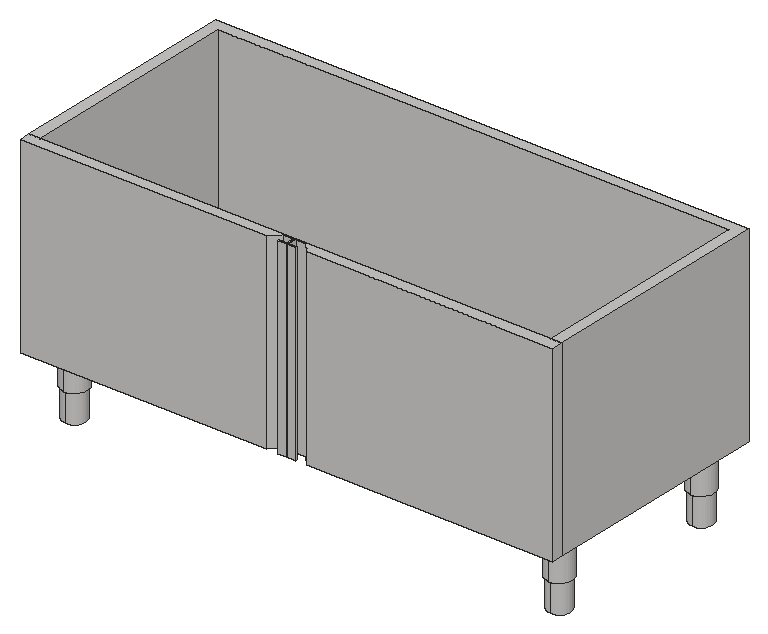
Revit family "QF_GIORIK_SUL1200", category Specialty Equipment, Revit 2014
Parameters (values of type "SUL1200")
  Weight in Pounds = 103.6171
  Watts = 900 W
  Volts = 230 V
  URL Cutsheet = "www.giorik.com"
  URL = "www.giorik.com"
  Status [instance] = ""
  Specification by User [instance] = ""
  Specification by Manufacturer = ""
  Show Logo [instance] = yes
  Show Clearance [instance] = yes
  Serial Number = ""
  Seismic Rating = ""
  SMACNA No = ""
  Revision Code [instance] = ""
  Phase = 1
  Number of Poles [instance] = 1
  NAFEM Spec ID Number = ""
  Model = "SUL1200"
  Min Ckt Ampacity = 0 A
  Max Overcurrent Protection = 0 A
  Masterspec = ""
  Manufacturer = "GIORIK"
  Item Number [instance] = ""
  Installed By [instance] = ""
  Identify Quantity as Lot [instance] = no
  HP = "1.206918000000"
  Furnished By [instance] = ""
  Foodservice Equipment Identifier [instance] = yes
  FL Amps = 0 A
  Electrical Remarks [instance] = ""
  Electric Connection Type [instance] = ""
  Elec Conn RI Height [instance] = 0 mm
  Elec Conn Connection Height [instance] = 150 mm
  Description = "WARM CUPBOARD WITH SHELF L=1200"
  Cycle = 50 Hz
  Conn Plug = ""
  CSI MasterFormat = ""
  Assembly Code = "E1090320"
  Apparent Power = 900 VA
Reference planes
  plane 1 "Back": y = 0
  plane 2: z = 0
  plane 3 "Left": x = 0
  plane 4 "Right": x = 1200
  plane 5 "Front": y = -600
  plane 6 "Top": z = 580
Forms (mm)
  Extrusion 1, solid
    sketch origin (-16, 1016.81, 0) x (1, 0, 0) y (0, 1, 0)
      loop
        line (25, -1086.81) -> (25, -1156.81) -> (115, -1156.81) -> (115, -1086.81) -> (25, -1086.81)
    from 148 to 150
  Extrusion 2, solid
    sketch origin (1216, 1016.81, 0) x (-1, 0, 0) y (0, -1, 0)
      loop
        line (25, 1086.81) -> (115, 1086.81) -> (115, 1156.81) -> (25, 1156.81) -> (25, 1086.81)
    from 148 to 150
  Extrusion 3, solid
    sketch origin (0, -40, 599.536) x (1, 0, 0) y (0, 1, 0)
      loop
        line (0, -525) -> (25, -525) -> (25, -25) -> (1175, -25) -> (1175, -525) -> (1200, -525) -> (1200, 0) -> (0, 0) -> (0, -525)
    from -449.536 to -19.536
  Extrusion 4, solid
    sketch origin (0, -40, 0) x (1, 0, 0) y (0, 1, 0)
      loop
        line (25, -25) -> (25, -525) -> (1175, -525) -> (1175, -25) -> (25, -25)
    from 150 to 175
  Extrusion 5, solid
    sketch origin (-16, 616.81, 0) x (1, 0, 0) y (0, 1, 0)
      loop
        line (25, -1086.81) -> (25, -1156.81) -> (115, -1156.81) -> (115, -1086.81) -> (25, -1086.81)
    from 148 to 150
  Revolve 6, solid
    sketch origin (54, 616.81, 0) x (0, 1, 0) y (0, 0, 1)
      loop
        line (-1092.56, 66) -> (-1092.56, 148) -> (-1121.81, 148) -> (-1121.81, 0) -> (-1096.81, 0) -> (-1096.81, 66) -> (-1092.56, 66)
      axis (-1121.81, 0) -> (-1121.81, 148)
    angle from 0 to 360
  Revolve 7, solid
    sketch origin (1146, 616.81, 0) x (0, 1, 0) y (0, 0, 1)
      loop
        line (-1092.56, 66) -> (-1092.56, 148) -> (-1121.81, 148) -> (-1121.81, 0) -> (-1096.81, 0) -> (-1096.81, 66) -> (-1092.56, 66)
      axis (-1121.81, 0) -> (-1121.81, 148)
    angle from 0 to 360
  Revolve 8, solid
    sketch origin (1146, 1016.81, 0) x (0, 1, 0) y (0, 0, 1)
      loop
        line (-1092.56, 66) -> (-1092.56, 148) -> (-1121.81, 148) -> (-1121.81, 0) -> (-1096.81, 0) -> (-1096.81, 66) -> (-1092.56, 66)
      axis (-1121.81, 0) -> (-1121.81, 148)
    angle from 0 to 360
  Revolve 9, solid
    sketch origin (54, 1016.81, 0) x (0, 1, 0) y (0, 0, 1)
      loop
        line (-1092.56, 66) -> (-1092.56, 148) -> (-1121.81, 148) -> (-1121.81, 0) -> (-1096.81, 0) -> (-1096.81, 66) -> (-1092.56, 66)
      axis (-1121.81, 0) -> (-1121.81, 148)
    angle from 0 to 360
  Extrusion 10, solid
    sketch origin (1216, 616.81, 0) x (-1, 0, 0) y (0, -1, 0)
      loop
        line (25, 1086.81) -> (115, 1086.81) -> (115, 1156.81) -> (25, 1156.81) -> (25, 1086.81)
    from 148 to 150
  Extrusion 11, solid, visible <- "Show Clearance", detail levels coarse
    sketch origin (105, -462.861, -10) x (1, 0, 0) y (0, 1, 0)
      loop
        line (-105, -127.139) -> (-105, -727.139)
        arc (-105, -727.139) -> (319.264, -551.403) -> (495, -127.139) r 600
        line (495, -127.139) -> (-105, -127.139)
    from 160 to 590
  Extrusion 12, solid
    sketch origin (605, -2, 1020) x (0, 1, 0) y (-1, 0, 0)
      loop
        line (-563, 5) -> (-563, 605) -> (-588, 605) -> (-588, 50) -> (-566.303, 30.855) -> (-566.303, 8) -> (-585, 8) -> (-585, 25) -> (-588, 25) -> (-588, 5) -> (-563, 5)
    from -870 to -440
  Extrusion 13, solid, visible <- "Show Clearance", detail levels coarse
    sketch origin (1095, -462.861, -10) x (-1, 0, 0) y (0, -1, 0)
      loop
        line (-105, 127.139) -> (495, 127.139)
        arc (495, 127.139) -> (319.264, 551.403) -> (-105, 727.139) r 600
        line (-105, 727.139) -> (-105, 127.139)
    from 160 to 590
  Extrusion 14, solid
    sketch origin (595, -2, 1020) x (0, 1, 0) y (-1, 0, 0)
      loop
        line (-563, -5) -> (-588, -5) -> (-588, -25) -> (-585, -25) -> (-585, -8) -> (-566.303, -8) -> (-566.303, -30.855) -> (-588, -50) -> (-588, -605) -> (-563, -605) -> (-563, -5)
    from -870 to -440
  Extrusion 15, solid
    sketch origin (-110, -125, 580) x (0, 1, 0) y (-1, 0, 0)
      loop
        circle (0, -1200) r 12.5
    from -430 to -450
Lines and regions (mm)
  symbolic lines, style "200-EquipHidden-2D", visible <- "Show Clearance", detail levels coarse
    curve 1: line (0, -40, 580) -> (1200, -40, 580)
    curve 2: line (0, -590, 580) -> (0, -40, 580)
    curve 3: line (1200, -590, 580) -> (0, -590, 580)
    curve 4: line (1200, -40, 580) -> (1200, -590, 580)
  symbolic lines, style "QF_Door-Drawer Clearances", visible <- "Show Clearance", detail levels coarse
    curve 5: line (0, -600, 580) -> (0, -1190, 580)
    curve 6: arc (0, -1190, 580) -> (424.264, -1014.264, 580) -> (600, -590, 580) r 600
    curve 7: line (1200, -600, 580) -> (1200, -1190, 580)
    curve 8: arc (1200, -1190, 580) -> (775.736, -1014.264, 580) -> (600, -590, 580) r 600
Dimensions and locks
  plane 3 "Left" to plane 4 "Right" = 1200 mm
  plane 5 "Front" to plane 1 "Back" = 600 mm
  plane 4 "Right" to plane 3 "Left" = 1200 mm
  plane 1 "Back" to plane 5 "Front" = 600 mm
  plane 6 "Top" to level = 580 mm  (x2)
  aligned and locked: level to plane 2
Connectors
  electrical at (1090, -125, 130), driven by "Apparent Power", driven by "Volts", driven by "Number of Poles"
    settings: on Extrusion 15, index 1, voltage 230 V, apparent load 0 VA, apparent load phase1 900 VA, apparent load phase2 0 VA, apparent load phase3 0 VA, power factor 1, load classification "Other", number of poles 1, system type 31, power factor state 1, is connector primary yes, connector utility no, sub classification motor no, connector description "Electrical connection"
